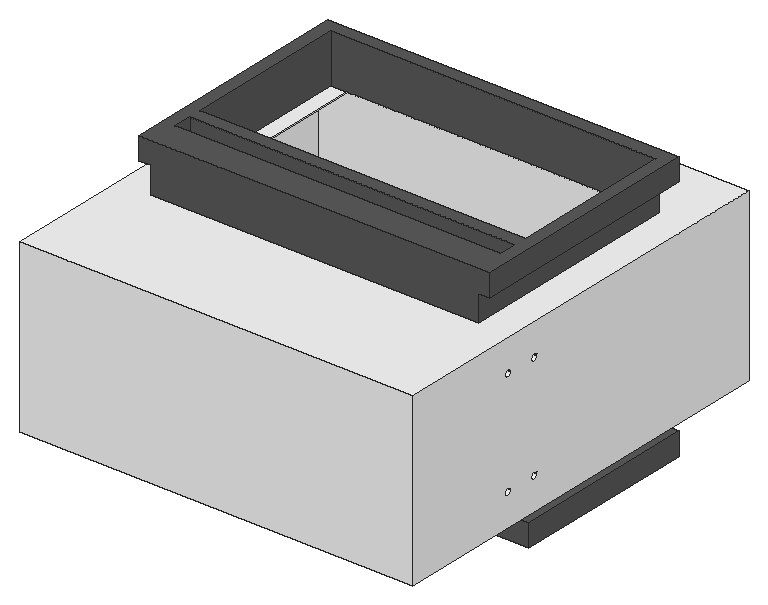
Revit family "C Series - C320STIO - Front Intake", category Generic Models, host Face, Revit 2019
Family settings
  Host = Face
  Can host rebar = No
  Round Connector Dimension = Use Diameter
  Part Type = Normal
  Cut with Voids When Loaded = Yes
  Shared = Yes
  Room Calculation Point = No
Parameters (values of type "As Specified")
  URL = "https://www.montigo.com/"
  Top Offset Right = 0"
  Top Offset Left = 0"
  Manufacturer Website = "https://www.montigo.com/"
  Manufacturer Phone - Toll Free = "800-378-3115"
  Manufacturer Phone = ""
  Manufacturer Fax = ""
  Manufacturer Address = "27342 Gloucester Way  Langley, BC, Canada   V4W 4A1"
  Manufacturer = "Montigo"
  Length = 48 3/16"
  Intake Duct Offset = 6"
  Height = 51 113/256"
  HVAC_Exit Diameter = 8"
  HVAC_Entry Diameter = 7"
  HVAC_BTU Output = 0.0 Btu/h
  HVAC_BTU Input = 0.0 Btu/h
  Glazing Tint = Glass - Montigo - Tint as Specified
  Frame Material = Metal - Montigo - Black
  Firebox Material = Metal - Montigo - White
  Fire Place Opening Length = 43"
  Fire Place Opening = 29"
  Description = "Montigo Fireplace as Specified"
  Depth = 20 225/256"
  Default Elevation = 48"
  COOLPack Consumption = 1200 CFM
  Base Offset Right = 9"
  Base Offset Left = 9"
  Base Offset = 1"
  Base Height = 15"
  Assembly Code = "D3020"
Reference planes (in)
  plane 1 "Center (Front/Back)": y = 0
  plane 2: z = 0
  plane 3 "Center (Left/Right)": x = 0
  plane 4: x = -24.09375
  plane 5: x = 24.09375
  plane 6: y = 25.7207
  plane 7: y = -25.7207
  plane 8: y = -10.7207
  plane 9: z = 0
  plane 10: z = -20.87891
  plane 11: z = -10.43945
  plane 12: x = -21.5
  plane 13: x = 21.5
  plane 14: y = 18.2793
Forms (in)
  Extrusion 1, solid, material "Metal - Montigo - White" <- "Firebox Material"
    sketch origin (-60.41868, -180, 0) x (-1, 0, 0) y (0, -1, 0)
      loop
        line (-36.32493, -205.7207) -> (-36.32493, -154.2793) -> (-84.51243, -154.2793) -> (-84.51243, -205.7207) -> (-36.32493, -205.7207)
    from 0 to -20.87891
  Extrusion 2, solid, material "Metal - Montigo - Black" <- "Frame Material"
    sketch origin (-60.41868, -180, 0) x (-1, 0, 0) y (0, -1, 0)
      loop
        line (-38.91868, -198.2793) -> (-38.91868, -169.2793) -> (-81.91868, -169.2793) -> (-81.91868, -198.2793) -> (-38.91868, -198.2793)
    from 0 to 6
  Sweep 3, void
    path in 3D
      loop
        line (21.5, -10.7207, 6) -> (21.5, 18.2793, 6) -> (-21.5, 18.2793, 6) -> (-21.5, -10.7207, 6)
    profile origin (21.5, 3.7793, 6) x (-1, 0, 0) y (0, 0, 1)
      loop
        line (0, -6) -> (1.375, -6) -> (1.375, -2.75) -> (0, -2.75) -> (0, -6)
  Extrusion 4, void
    sketch origin (-60.41868, -180, 0) x (0, -1, 0) y (-1, 0, 0)
      loop
        line (-196.7168, -38.91868) -> (-196.7168, -81.91868) -> (-176.7168, -81.91868) -> (-176.7168, -38.91868) -> (-196.7168, -38.91868)
    from 0.125 to 20.75
  Extrusion 5, void
    sketch origin (-60.41868, -180, 0) x (0, -1, 0) y (-1, 0, 0)
      loop
        line (-196.7168, -40.41868) -> (-196.7168, -80.41868) -> (-176.7168, -80.41868) -> (-176.7168, -40.41868) -> (-196.7168, -40.41868)
    from -6 to 0
  Extrusion 6, void
    sketch origin (-60.41868, -180, 0) x (0, -1, 0) y (-1, 0, 0)
      loop
        line (-196.7168, -42.41868) -> (-196.7168, -78.41868) -> (-176.7168, -78.41868) -> (-176.7168, -42.41868) -> (-196.7168, -42.41868)
    from -1 to 1
  Extrusion 7, void
    sketch origin (-60.41868, -180, 0) x (0, -1, 0) y (-1, 0, 0)
      loop
        line (-175.2168, -40.41868) -> (-175.2168, -80.41868) -> (-172.8418, -80.41868) -> (-172.8418, -40.41868) -> (-175.2168, -40.41868)
    from -6 to -3.25
  Extrusion 8, void
    sketch origin (0, -1.69589, -0.88973) x (0, 1, 0) y (0, 0, 1)
      loop
        circle (-9.46231, -16.05168) r 0.4375
      loop
        circle (-5.46231, -16.05168) r 0.4375
      loop
        circle (-9.46231, -3.05168) r 0.4375
      loop
        circle (-5.46231, -3.05168) r 0.4375
    from 24.09375 to 23.46962
  Extrusion 9, solid, material "Metal - Montigo - Black" <- "Frame Material"
    sketch origin (-60.41868, -180, -20.87891) x (0, 1, 0) y (1, 0, 0)
      loop
        line (198.2793, 38.91868) -> (198.2793, 81.91868) -> (175.2793, 81.91868) -> (175.2793, 38.91868) -> (198.2793, 38.91868)
    from 0 to 6
  Extrusion 10, void
    sketch origin (-60.41868, -180, -20.87891) x (1, 0, 0) y (0, 1, 0)
      loop
        line (40.41868, 196.7168) -> (40.41868, 176.7168) -> (80.41868, 176.7168) -> (80.41868, 196.7168) -> (40.41868, 196.7168)
    from -6 to 0
  Sweep 11, void
    path in 3D
      loop
        line (21.5, -10.7207, -26.87891) -> (21.5, 18.2793, -26.87891) -> (-21.5, 18.2793, -26.87891) -> (-21.5, -10.7207, -26.87891)
    profile origin (21.5, 3.7793, -26.87891) x (1, 0, 0) y (0, 0, -1)
      loop
        line (0, -6) -> (0, -2.75) -> (-1.375, -2.75) -> (-1.375, -6) -> (0, -6)
  Extrusion 12, void
    sketch origin (-60.41868, -180, -20.87891) x (1, 0, 0) y (0, 1, 0)
      loop
        line (42.41868, 196.7168) -> (42.41868, 176.7168) -> (78.41868, 176.7168) -> (78.41868, 196.7168) -> (42.41868, 196.7168)
    from -1 to 1
Cuts and joins
  Sweep 3, Extrusion 4, Extrusion 5, Extrusion 7, Extrusion 10, Sweep 11, Extrusion 12 cuts Extrusion 2
  Extrusion 4, Extrusion 5, Extrusion 6, Extrusion 7, Extrusion 8, Extrusion 10, Sweep 11, Extrusion 12 cuts Extrusion 1
  Extrusion 10, Sweep 11 cuts Extrusion 9
Lines and regions (in)
  symbolic lines
    curve 1: line (20.125, 53.21644, 0) -> (20.125, 49.96644, 0)
    curve 2: line (20.125, 49.96644, 0) -> (21.5, 49.96644, 0)
    curve 6: line (-20, -7.1582, 0) -> (20, -7.1582, 0)
    curve 7: line (20, -4.7832, 0) -> (-20, -4.7832, 0)
    curve 8: line (-20, -4.7832, 0) -> (-20, -7.1582, 0)
    curve 9: line (20, -4.7832, 0) -> (20, -7.1582, 0)
    curve 10: line (20, 16.7168, 0) -> (20, -3.2832, 0)
    curve 11: line (-20, -3.2832, 0) -> (-20, 16.7168, 0)
  sketch lines
    curve 3: line (21.5, -10.7207, 6) -> (21.5, 18.2793, 6)
    curve 4: line (21.5, 18.2793, 6) -> (-21.5, 18.2793, 6)
    curve 5: line (-21.5, 18.2793, 6) -> (-21.5, -10.7207, 6)
    curve 12: line (21.5, -10.7207, -26.87891) -> (21.5, 18.2793, -26.87891)
    curve 13: line (21.5, 18.2793, -26.87891) -> (-21.5, 18.2793, -26.87891)
    curve 14: line (-21.5, 18.2793, -26.87891) -> (-21.5, -10.7207, -26.87891)
Dimensions and locks (in)
  equal spacing: plane 4, plane 3 "Center (Left/Right)", plane 5
  "Length": plane 4 to plane 5
  equal spacing: plane 7, plane 1 "Center (Front/Back)", plane 6
  "Height": plane 7 to plane 6
  "Base Height": plane 7 to plane 8
  "Depth": plane 9 to plane 10
  equal spacing: plane 9, plane 11, plane 10
  locked: plane 4 to plane 12 at 2.59375
  locked: plane 13 to plane 5 at 2.59375
  "Fire Place Opening": plane 8 to plane 14
  locked: Extrusion 4 sketch curve to plane 8 at 7.4375
  locked: Extrusion 4 sketch curve to plane 14 at 1.5625
  locked: plane 8 to cut or joined group 1 (Extrusion 1, Extrusion 4, Extrusion 5, Extrusion 6, Extrusion 7, Extrusion 8, Extrusion 10, Sweep 11, Extrusion 12) at 7.4375
  locked: cut or joined group 1 to plane 14 at 1.5625
  locked: plane 12 to Extrusion 5 sketch curve at 1.5
  locked: Extrusion 5 sketch curve to plane 13 at 1.5
  locked: plane 12 to Extrusion 6 sketch curve at 3.5
  locked: Extrusion 6 sketch curve to plane 13 at 3.5
  locked: Extrusion 6 sketch curve to plane 14 at 1.5625
  locked: Extrusion 6 sketch curve to plane 8 at 7.4375
  locked: plane 12 to Extrusion 7 sketch curve at 1.5
  locked: Extrusion 7 sketch curve to plane 13 at 1.5
  locked: plane 8 to Extrusion 7 sketch curve at 5.9375
  locked: plane 8 to Extrusion 7 sketch curve at 3.5625
  locked: cut or joined group 1 to plane 5 at 0.62413
  cut or joined group of Extrusion 9, Extrusion 10, Sweep 11 to cut or joined group of Extrusion 9, Extrusion 10, Sweep 11 = 23"
  aligned and locked: plane 2 to host face
  aligned and locked: level to host face
  aligned and locked: plane 6 to Extrusion 1 sketch curve
  aligned and locked: Extrusion 1 to plane 10
  aligned and locked: plane 5 to Extrusion 1
  aligned and locked: Extrusion 1 sketch curve to plane 7
  aligned and locked: plane 9 to level
  aligned and locked: plane 14 to Extrusion 2 sketch curve
  aligned and locked: plane 12 to Extrusion 2 sketch curve
  aligned and locked: Extrusion 2 sketch curve to plane 8
  aligned and locked: plane 13 to Extrusion 2 sketch curve
  aligned and locked: Extrusion 2 to level
  aligned and locked: plane 12 to Extrusion 4 sketch curve
  aligned and locked: plane 13 to Extrusion 4 sketch curve
  aligned and locked: Extrusion 2 to Extrusion 5
  aligned and locked: Extrusion 5 to level
  aligned and locked: Extrusion 2 to Extrusion 7
  aligned and locked: Extrusion 7 to Sweep 3
  aligned and locked: Extrusion 8 to cut or joined group 1
  aligned and locked: Extrusion 10 to Extrusion 9
Automatic sketch dimensions
  host sketch curve to host sketch curve = 96"  (x2)
  Extrusion 1 sketch curve to plane 5 = 0"
  Extrusion 1 sketch curve to plane 4 = 0"
  curve 2 to plane 13 = 0"
  plane 13 to curve 2 = 1 3/8"
  plane 13 to curve 6 = 1 1/2"
  plane 12 to curve 8 = 1 1/2"
  curve 2 to plane 6 = 24.24574"
  plane 1 "Center (Front/Back)" to curve 7 = 4.7832"
  curve 7 to curve 8 = 2 3/8"
  plane 13 to curve 10 = 1 1/2"
  plane 12 to curve 11 = 1 1/2"
  curve 1 to curve 1 = 3 1/4"
  plane 14 to curve 10 = 1 9/16"
  plane 14 to curve 11 = 1 9/16"
  curve 11 to curve 7 = 1 1/2"
  curve 10 to curve 7 = 1 1/2"
  Sweep 3 sketch curve to profile plane = 0"
  Sweep 3 sketch curve to profile plane = 1 3/8"
  Sweep 3 sketch curve to profile plane = 6"
  Sweep 3 sketch curve to profile plane = 2 3/4"
  plane 14 to Extrusion 5 sketch curve = 1 9/16"
  plane 1 "Center (Front/Back)" to Extrusion 5 sketch curve = 3.2832"
  plane 8 to Extrusion 8 sketch curve = 7/16"  (x2)
  Extrusion 8 sketch curve to plane 8 = 3 9/16"  (x2)
  plane 10 to Extrusion 8 sketch curve = 3 15/16"  (x2)
  Extrusion 8 sketch curve to level = 3 241/256"  (x2)
  Extrusion 9 sketch curve to plane 12 = 0"
  Extrusion 9 sketch curve to plane 13 = 0"
  plane 14 to Extrusion 9 sketch curve = 0"
  plane 1 "Center (Front/Back)" to Extrusion 9 sketch curve = 4.7207"
  plane 12 to Extrusion 10 sketch curve = 1 1/2"
  plane 13 to Extrusion 10 sketch curve = 1 1/2"
  plane 1 "Center (Front/Back)" to Extrusion 10 sketch curve = 3.2832"
  plane 14 to Extrusion 10 sketch curve = 1 9/16"
  profile plane to Sweep 11 sketch curve = 0"
  Sweep 11 sketch curve to Sweep 11 sketch curve = 1 3/8"
  Sweep 11 sketch curve to profile plane = 6"
  Sweep 11 sketch curve to profile plane = 2 3/4"
  plane 12 to Extrusion 12 sketch curve = 3 1/2"
  plane 13 to Extrusion 12 sketch curve = 3 1/2"
  plane 1 "Center (Front/Back)" to Extrusion 12 sketch curve = 3.2832"
  plane 14 to Extrusion 12 sketch curve = 1 9/16"
  radius of Extrusion 8 sketch curve = 7/16"  (x4)
